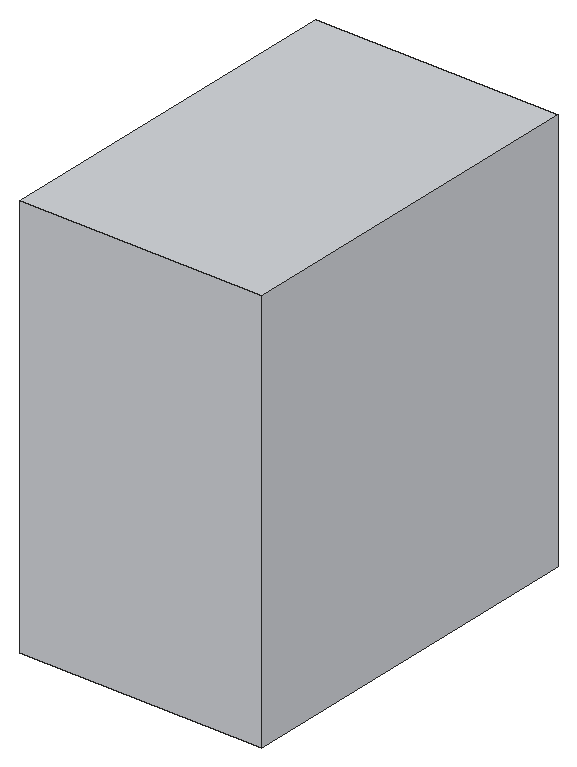
Revit family
Parameters
  Warranty Duration (Years) = 0
  Unit Width [instance] = 1' - 1"
  Unit Height [instance] = 4' - 7"
  Unit Depth = 0' - 0 1/2"
  URL = "http://www.americanspecialties.com/viewCategories.cfm"
  Trim Material = Metal - Stainless Steel
  Test Data = ""
  Specification = "http://www.arcat.com/sdspecs/htm/10810asi.htm"
  SpecWizard = ""
  Send Message = "http://www.arcat.com/users.pl?action=UserEmail&company=American%20Specialties,%20Inc.&coid=30448&rep=139&fax=914-476-0688&mf="
  Sales Information = "http://www.americanspecialties.com/contact"
  Revision = "R1_10-2010"
  Product Properties = "http://www.americanspecialties.com/datasheets/0467.pdf"
  Product Data = "http://www.arcat.com/arcatcos/cos30/arc30448.html"
  Model = "As Specified in 10 28 13"
  Manufacturer Website = "http://www.americanspecialties.com/viewCategories.cfm"
  Manufacturer Phone - Toll Free = ""
  Manufacturer Phone = "914-476-9000 "
  Manufacturer Fax = "914-476-0688"
  Manufacturer Address = "441 Saw Mill River Rd., Yonkers, NY 10701"
  Manufacturer = "American Specialties, Inc."
  Maintenance Schedule (Months) = 0
  Keynote = "10 28 13"
  Installation-Fabrication = "http://www.americanspecialties.com/products.cfm"
  Green Building-LEED = ""
  Expected Lifespan (Years) = 0
  Drawn By = "Robert S. Weygant. CSI, CDT, SCIP"  # constant formula
  Description = "Toilet Accessory as Specified in 10 28 13"
  Default Elevation = 4' - 0"
  Copyright = "©Arcat Inc."
  Construction Details = "http://www.arcat.com/green/clients/leed_data_30448.html"
  Building Codes = "http://www.americanspecialties.com/products.cfm"
  Body Material = Metal - Stainless Steel
  Assembly Code = "C1030210"
Reference planes (in)
  plane 1 "Center (Front/Back)": y = -0.29112
  plane 2 "Floor Line": z = 0
  plane 3 "Center (Left/Right)": x = -0.65843
Forms (in)
  Extrusion 1, solid
    sketch origin (-3, -9, -6) x (0, 0, -1) y (1, 0, 0)
      loop
        line (-82, 26) -> (-82, -19.34712) -> (-6, -19.34712) -> (-6, 26) -> (-82, 26)
    from 28.29112 to -41.06337
  Extrusion 2, solid, material "Metal - Stainless Steel" <- "Body Material"
    sketch origin (0, 4, 0) x (1, 0, 0) y (0, 1, 0)
      loop
        line (-6.15843, 22.20888) -> (-6.15843, -30.79112) -> (4.84157, -30.79112) -> (4.84157, 22.20888) -> (-6.15843, 22.20888)
    from 0 to -6.25
  Extrusion 3, solid, material "Metal - Stainless Steel" <- "Body Material"
    sketch origin (-0.90625, -0.29112, 0) x (1, 0, 0) y (0, 0, 1)
      loop
        line (-6.25218, 0) -> (6.74782, 0) -> (6.74782, 0.5) -> (-6.25218, 0.5) -> (-6.25218, 0)
    from -27.5 to 27.5
  Extrusion 4, void
    sketch origin (-0.65843, 6.5, 0) x (0, 1, 0) y (0, 0, 1)
      loop
        line (-0.46711, -6.14945) -> (2.70888, 0) -> (2.70888, 0.9375) -> (-8.29112, 0.9375) -> (-8.29112, -6.14945) -> (-0.46711, -6.14945)
    from -5.46875 to 5.46875
  Extrusion 5, void
    sketch origin (-34, 1.19043, 3.13751) x (1, 0, 0) y (0, 0.458881, 0.888498)
      loop
        arc (36.97904, -1.93126) -> (37.16013, -1.67833) -> (36.96657, -1.43482) r 0.2582
        line (36.96657, -1.43482) -> (36.21657, -1.43482)
        arc (36.21657, -1.43482) -> (33.34157, -0.76381) -> (30.46657, -1.43482) r 6.49463
        line (30.46657, -1.43482) -> (29.71657, -1.43482)
        arc (29.71657, -1.43482) -> (29.523, -1.67833) -> (29.70409, -1.93126) r 0.2582
        line (29.70409, -1.93126) -> (30.47904, -1.93126)
        arc (30.47904, -1.93126) -> (33.34157, -2.19871) -> (36.20409, -1.93126) r 15.45277
        line (36.20409, -1.93126) -> (36.97904, -1.93126)
    from -8.81412 to -8.56412
  Extrusion 6, void
    sketch origin (0, 0, 0) x (1, 0, 0) y (0, 1, 0)
      loop
        line (-6.15843, 26.20888) -> (-6.15843, -26.79112) -> (4.84157, -26.79112) -> (4.84157, 26.20888) -> (-6.15843, 26.20888)
    from 0 to -6.8132
  Extrusion 7, solid, material "Metal - Stainless Steel" <- "Trim Material"
    sketch origin (0, 0, -0.4375) x (1, 0, 0) y (0, 1, 0)
      loop
        circle (-5.15843, -14.79112) r 0.5
      loop
        line (-5.21525, -14.37247) -> (-5.21525, -15.22198) -> (-5.10162, -15.22198) -> (-5.10162, -14.37247) -> (-5.21525, -14.37247)
      loop
        circle (-5.15843, 17.70888) r 0.5
      loop
        line (-5.21525, 17.29024) -> (-5.10162, 17.29024) -> (-5.10162, 18.13975) -> (-5.21525, 18.13975) -> (-5.21525, 17.29024)
    from 0.9375 to 1
  Extrusion 8, solid, material "Metal - Stainless Steel" <- "Body Material"
    sketch origin (0, 0, 0) x (1, 0, 0) y (0, 1, 0)
      loop
        line (-6.15843, -1.79112) -> (-6.15843, -2.79112) -> (4.84157, -2.79112) -> (4.84157, -1.79112) -> (-6.15843, -1.79112)
    from -6.25 to 0.5
  Extrusion 9, solid, material "Metal - Stainless Steel" <- "Body Material"
    sketch origin (0, 0, 0) x (1, 0, 0) y (0, 1, 0)
      loop
        line (-6.15843, 26.20888) -> (-6.15843, 9.20921) -> (4.84157, 9.20921) -> (4.84157, 26.20888) -> (-6.15843, 26.20888)
    from 0 to 0.5
  Extrusion 10, solid, material "Metal - Stainless Steel" <- "Body Material"
    sketch origin (0, 0, 0) x (1, 0, 0) y (0, 1, 0)
      loop
        line (-6.15843, -2.79112) -> (-6.15843, -26.79112) -> (4.84157, -26.79112) -> (4.84157, -2.79112) -> (-6.15843, -2.79112)
    from 0 to 0.5
Cuts and joins
  Extrusion 4, Extrusion 5 cuts Extrusion 2
  Extrusion 4 cuts Extrusion 3
Dimensions and locks (in)
  Extrusion 3 sketch curve to Extrusion 3 sketch curve = 1' - 1"
  aligned and locked: Extrusion 1 to level
  aligned and locked: cut or joined group of Extrusion 2, Extrusion 4, Extrusion 5 to cut or joined group of Extrusion 3, Extrusion 4
  aligned and locked: Extrusion 7 to cut or joined group of Extrusion 3, Extrusion 4
  aligned and locked: cut or joined group of Extrusion 3, Extrusion 4 to Extrusion 9
  aligned and locked: cut or joined group of Extrusion 3, Extrusion 4 to Extrusion 10
